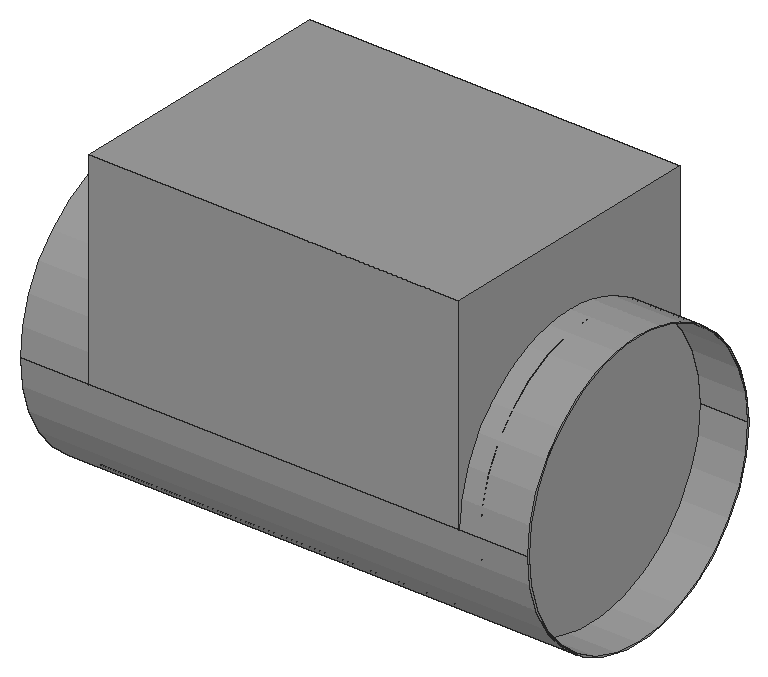
Revit family "BIMLIB_ЭлектрическийНагреватель_EHC_SHUFT", category Оборудование, Revit 2017
Family settings
  Размер круглого соединителя = Использовать диаметр
  Тип детали = Вставляется
  На основе рабочей плоскости = Нет
  Всегда вертикально = Да
  При загрузке вырезать с полостями = Нет
  Общий = Нет
  Точка расчета площади = Нет
Parameters (values of type "EHC 200-2.4/1")
  Повернуть УГО [instance] = yes
  Описание = "Корпус воздухонагревателей выполнен из листовой стали с покрытием из цинка, а нагревательные элементы — из нержавеющей стали.\r\n\r\nВсе воздухонагреватели серии ЕНС оснащены двухступенчатой защитой от перегрева. Реле первой ступени (с автоматическим возвратом в исходное положение) срабатывает, когда температура воздуха на выходе из воздухонагревателя достигает 60 °С. Реле второй ступени (с ручным возвратом в исходное положение нажатием кнопки, расположенной на корпусе воздухонагревателя) срабатывает, когда температура воздуха на выходе из воздухонагревателя достигает 90 °С.\r\n\r\nВоздухонагреватели серии EHC могут работать с внешним электронным регулятором температуры серии ТС.\r\n\r\nМинимальный расход воздуха соответствует минимальной скорости потока 1,5 м/с."  # constant formula
  Изготовитель = "ООО «Завод ВКО» марка SHUFT"  # constant formula
  r2 = r1 + 0.5 mm  # 100.5 mm
  Watermark [instance] = "Модели защищены уникальным кодом"
  URL = "http://www.shuft.ru/"
  r1 = d / 2  # 100 mm
  d = ADSK_Размер_Диаметр  # 200 mm
  D = r2 * 2  # 201 mm
  BL_Разработано = "support@bimlib.pro"  # constant formula
  BL_Email = "bimmodels@rusklimat.ru"  # constant formula
  BL_BIM library = "https://bimlib.pro/manufacturer/company/23829"
  ADSK_Ток = 10.9 A
  ADSK_Расход воздуха [instance] = 0.0 L/s
  ADSK_Размер_Диаметр = 200 mm
  ADSK_Примечание [instance] = ""
  ADSK_Потеря давления воздуха [instance] = 0.0 Pa
  ADSK_Полная мощность = ADSK_Номинальная мощность / ADSK_Коэффициент мощности  # 2.4 kW
  ADSK_Позиция = ""
  ADSK_Обозначение = ""
  ADSK_Номинальная мощность = 2.4 kW
  ADSK_Напряжение = 230 V
  ADSK_Наименование = "Электрический нагреватель EHC 200-2.4/1"
  ADSK_Материал = BIMLIB_Сталь_SHUFT
  ADSK_Масса = 4.2
  ADSK_Марка = "EHC 200-2.4/1"
  ADSK_Коэффициент мощности = 1
  ADSK_Количество фаз = 1
  ADSK_Код изделия = ADSK_Марка  # "EHC 200-2.4/1"
  ADSK_Классификация нагрузок = Прочее
  ADSK_Завод-изготовитель = "ООО «Завод ВКО» марка SHUFT"  # constant formula
  ADSK_Единица измерения = "шт."  # constant formula
  ADSK_Версия семейства = "v.1"  # constant formula
  ADSK_Версия Revit = "2017"  # constant formula
  ADSK_URL страницы изделия = "http://www.shuft.ru/catalog/1/202/3004/4020/"
  ADSK_URL документации изделия = "http://www.shuft.ru/upload/downloads/Rucovodstvo_EHC.pdf"
Types (33, lengths in mm): name | r2 | r1 | d | D | ADSK_Ток | ADSK_Размер_Диаметр | ADSK_Полная мощность | ADSK_Номинальная мощность | ADSK_Напряжение | ADSK_Наименование | ADSK_Масса | ADSK_Марка | ADSK_Количество фаз | ADSK_Код изделия
  EHC 100-0.3/1 | 50.5 | 50 | 100 | 101 | 1.4 A | 100 | 0.3 kW | 0.3 kW | 230 V | "Электрический нагреватель EHC 100-0.3/1" | 2 | "EHC 100-0.3/1" | 1 | "EHC 100-0.3/1"
  EHC 100-1.8/1 | 50.5 | 50 | 100 | 101 | 8.2 A | 100 | 1.8 kW | 1.8 kW | 230 V | "Электрический нагреватель EHC 100-1.8/1" | 2.4 | "EHC 100-1.8/1" | 1 | "EHC 100-1.8/1"
  EHC 100-2.4/1 | 50.5 | 50 | 100 | 101 | 10.9 A | 100 | 2.4 kW | 2.4 kW | 230 V | "Электрический нагреватель EHC 100-2.4/1" | 2.6 | "EHC 100-2.4/1" | 1 | "EHC 100-2.4/1"
  EHC 125-1.2/1 | 63 | 62.5 | 125 | 126 | 5.5 A | 125 | 1.2 kW | 1.2 kW | 230 V | "Электрический нагреватель EHC 125-1.2/1" | 2.7 | "EHC 125-1.2/1" | 1 | "EHC 125-1.2/1"
  EHC 125-1.8/1 | 63 | 62.5 | 125 | 126 | 8.2 A | 125 | 1.8 kW | 1.8 kW | 230 V | "Электрический нагреватель EHC 125-1.8/1" | 2.7 | "EHC 125-1.8/1" | 1 | "EHC 125-1.8/1"
  EHC 125-2.4/1 | 63 | 62.5 | 125 | 126 | 10.9 A | 125 | 2.4 kW | 2.4 kW | 230 V | "Электрический нагреватель EHC 125-2.4/1" | 2.9 | "EHC 125-2.4/1" | 1 | "EHC 125-2.4/1"
  EHC 160-1.2/1 | 80.5 | 80 | 160 | 161 | 5.5 A | 160 | 1.2 kW | 1.2 kW | 230 V | "Электрический нагреватель EHC 160-1.2/1" | 2.9 | "EHC 160-1.2/1" | 1 | "EHC 160-1.2/1"
  EHC 160-2.4/1 | 80.5 | 80 | 160 | 161 | 10.9 A | 160 | 2.4 kW | 2.4 kW | 230 V | "Электрический нагреватель EHC 160-2.4/1" | 3.6 | "EHC 160-2.4/1" | 1 | "EHC 160-2.4/1"
  EHC 160-3.0/1 | 80.5 | 80 | 160 | 161 | 13.7 A | 160 | 3 kW | 3 kW | 230 V | "Электрический нагреватель EHC 160-3.0/1" | 3.3 | "EHC 160-3.0/1" | 1 | "EHC 160-3.0/1"
  EHC 160-3.0/2 | 80.5 | 80 | 160 | 161 | 7.9 A | 160 | 3 kW | 3 kW | 400 V | "Электрический нагреватель EHC 160-3.0/2" | 3.3 | "EHC 160-3.0/2" | 2 | "EHC 160-3.0/2"
  EHC 160-5.0/2 | 80.5 | 80 | 160 | 161 | 13.2 A | 160 | 5 kW | 5 kW | 400 V | "Электрический нагреватель EHC 160-5.0/2" | 4 | "EHC 160-5.0/2" | 2 | "EHC 160-5.0/2"
  EHC 160-6.0/2 | 80.5 | 80 | 160 | 161 | 15.8 A | 160 | 6 kW | 6 kW | 400 V | "Электрический нагреватель EHC 160-6.0/2" | 4.3 | "EHC 160-6.0/2" | 2 | "EHC 160-6.0/2"
  EHC 160-6.0/3 | 80.5 | 80 | 160 | 161 | 8.7 A | 160 | 6 kW | 6 kW | 400 V | "Электрический нагреватель EHC 160-6.0/3" | 4.5 | "EHC 160-6.0/3" | 3 | "EHC 160-6.0/3"
  EHC 200-2.4/1 | 100.5 | 100 | 200 | 201 | 10.9 A | 200 | 2.4 kW | 2.4 kW | 230 V | "Электрический нагреватель EHC 200-2.4/1" | 4.2 | "EHC 200-2.4/1" | 1 | "EHC 200-2.4/1"
  EHC 200-3.0/1 | 100.5 | 100 | 200 | 201 | 13.7 A | 200 | 3 kW | 3 kW | 230 V | "Электрический нагреватель EHC 200-3.0/1" | 3.9 | "EHC 200-3.0/1" | 1 | "EHC 200-3.0/1"
  EHC 200-5.0/2 | 100.5 | 100 | 200 | 201 | 13.2 A | 200 | 5 kW | 5 kW | 400 V | "Электрический нагреватель EHC 200-5.0/2" | 4.6 | "EHC 200-5.0/2" | 2 | "EHC 200-5.0/2"
  EHC 200-6.0/2 | 100.5 | 100 | 200 | 201 | 15.8 A | 200 | 6 kW | 6 kW | 400 V | "Электрический нагреватель EHC 200-6.0/2" | 5 | "EHC 200-6.0/2" | 2 | "EHC 200-6.0/2"
  EHC 200-6.0/3 | 100.5 | 100 | 200 | 201 | 8.7 A | 200 | 6 kW | 6 kW | 400 V | "Электрический нагреватель EHC 200-6.0/3" | 5 | "EHC 200-6.0/3" | 3 | "EHC 200-6.0/3"
  EHC 200-9.0/3 | 100.5 | 100 | 200 | 201 | 13 A | 200 | 9 kW | 9 kW | 400 V | "Электрический нагреватель EHC 200-9.0/3" | 5.5 | "EHC 200-9.0/3" | 3 | "EHC 200-9.0/3"
  EHC 200-12.0/3 | 100.5 | 100 | 200 | 201 | 17.3 A | 200 | 12 kW | 12 kW | 400 V | "Электрический нагреватель EHC 200-12.0/3" | 6 | "EHC 200-12.0/3" | 3 | "EHC 200-12.0/3"
  EHC 250-3.0/1 | 125.5 | 125 | 250 | 251 | 13.7 A | 250 | 3 kW | 3 kW | 230 V | "Электрический нагреватель EHC 250-3.0/1" | 7 | "EHC 250-3.0/1" | 1 | "EHC 250-3.0/1"
  EHC 250-6.0/2 | 125.5 | 125 | 250 | 251 | 15.8 A | 250 | 6 kW | 6 kW | 400 V | "Электрический нагреватель EHC 250-6.0/2" | 7.3 | "EHC 250-6.0/2" | 2 | "EHC 250-6.0/2"
  EHC 250-6.0/3 | 125.5 | 125 | 250 | 251 | 8.7 A | 250 | 6 kW | 6 kW | 400 V | "Электрический нагреватель EHC 250-6.0/3" | 7.3 | "EHC 250-6.0/3" | 3 | "EHC 250-6.0/3"
  EHC 250-9.0/3 | 125.5 | 125 | 250 | 251 | 13 A | 250 | 9 kW | 9 kW | 400 V | "Электрический нагреватель EHC 250-9.0/3" | 8.9 | "EHC 250-9.0/3" | 3 | "EHC 250-9.0/3"
  EHC 250-12.0/3 | 125.5 | 125 | 250 | 251 | 17.3 A | 250 | 12 kW | 12 kW | 400 V | "Электрический нагреватель EHC 250-12.0/3" | 9.9 | "EHC 250-12.0/3" | 3 | "EHC 250-12.0/3"
  EHC 315-3.0/1 | 158 | 157.5 | 315 | 316 | 13.7 A | 315 | 3 kW | 3 kW | 230 V | "Электрический нагреватель EHC 315-3.0/1" | 10.5 | "EHC 315-3.0/1" | 1 | "EHC 315-3.0/1"
  EHC 315-6.0/2 | 158 | 157.5 | 315 | 316 | 15.8 A | 315 | 6 kW | 6 kW | 400 V | "Электрический нагреватель EHC 315-6.0/2" | 9.2 | "EHC 315-6.0/2" | 2 | "EHC 315-6.0/2"
  EHC 315-6.0/3 | 158 | 157.5 | 315 | 316 | 8.7 A | 315 | 6 kW | 6 kW | 400 V | "Электрический нагреватель EHC 315-6.0/3" | 9.2 | "EHC 315-6.0/3" | 3 | "EHC 315-6.0/3"
  EHC 315-9.0/3 | 158 | 157.5 | 315 | 316 | 13 A | 315 | 9 kW | 9 kW | 400 V | "Электрический нагреватель EHC 315-9.0/3" | 10.8 | "EHC 315-9.0/3" | 3 | "EHC 315-9.0/3"
  EHC 315-12.0/3 | 158 | 157.5 | 315 | 316 | 17.3 A | 315 | 12 kW | 12 kW | 400 V | "Электрический нагреватель EHC 315-12.0/3" | 11.4 | "EHC 315-12.0/3" | 3 | "EHC 315-12.0/3"
  EHC 400-9.0/3 | 200.5 | 200 | 400 | 401 | 13 A | 400 | 9 kW | 9 kW | 400 V | "Электрический нагреватель EHC 400-9.0/3" | 13.1 | "EHC 400-9.0/3" | 3 | "EHC 400-9.0/3"
  EHC 400-12.0/3 | 200.5 | 200 | 400 | 401 | 17.3 A | 400 | 12 kW | 12 kW | 400 V | "Электрический нагреватель EHC 400-12.0/3" | 14 | "EHC 400-12.0/3" | 3 | "EHC 400-12.0/3"
  EHC 100-0.6/1 | 50.5 | 50 | 100 | 101 | 2.8 A | 100 | 0.6 kW | 0.6 kW | 230 V | "Электрический нагреватель EHC 100-0.6/1" | 2 | "EHC 100-0.6/1" | 1 | "EHC 100-0.6/1"
Reference planes
  plane 1 "По центру (Вперед/Назад)": y = 0
  plane 2: z = 0
  plane 3 "По центру (Влево/Вправо)": x = 0
  plane 4: z = 100
  plane 5: z = 150
  plane 6: x = -185
  plane 7: x = 185
  plane 8: x = -135
  plane 9: x = 135
  plane 10: x = -150
  plane 11: x = 150
  plane 12: y = -100.5
  plane 13: y = 100.5
Forms (mm)
  Extrusion 1, solid, material "BIMLIB_Сталь_SHUFT" <- "ADSK_Материал", detail levels medium+fine
    sketch origin (0, 0, 0) x (0, 1, 0) y (0, 0, 1)
      loop
        circle (0, 0) r 100
      loop
        circle (0, 0) r 100.5
    from -185 to 185
  Extrusion 2, solid, material "BIMLIB_Сталь_SHUFT" <- "ADSK_Материал", detail levels medium+fine
    sketch origin (0, 0, 0) x (0, 1, 0) y (0, 0, 1)
      loop
        arc (-100.5, 0) -> (0, 100.5) -> (100.5, 0) r 100.5
        line (100.5, 0) -> (100.5, 150) -> (-100.5, 150) -> (-100.5, 0)
    from -135 to 135
  Extrusion 3, solid, material "BIMLIB_Сталь_SHUFT" <- "ADSK_Материал", detail levels medium+fine
    sketch origin (0, 0, 0) x (0, 1, 0) y (0, 0, 1)
      loop
        circle (0, 0) r 100
    from -150 to 150
Dimensions and locks
  locked: plane 4 to plane 5 at 50
  "r1": level to plane 4
  plane 7 to plane 6 = 370 mm
  equal spacing: plane 7, plane 3 "По центру (Влево/Вправо)", plane 6
  locked: plane 8 to plane 6 at 50
  locked: plane 7 to plane 9 at 50
  locked: plane 8 to plane 10 at 15
  locked: plane 11 to plane 9 at 15
  "D": plane 12 to plane 13
  equal spacing: plane 12, plane 1 "По центру (Вперед/Назад)", plane 13
  "r1": radius of Extrusion 1 sketch curve
  "r2": radius of Extrusion 1 sketch curve
  "r2": radius of Extrusion 2 sketch curve
  "r1": radius of Extrusion 3 sketch curve
  aligned and locked: level to plane 2
  aligned and locked: Extrusion 2 to plane 5
  aligned and locked: Extrusion 1 to plane 6
  aligned and locked: plane 7 to Extrusion 1
  aligned and locked: plane 9 to Extrusion 2
  aligned and locked: Extrusion 2 to plane 8
  aligned and locked: plane 11 to Extrusion 3
  aligned and locked: Extrusion 3 to plane 10
  aligned and locked: Extrusion 2 to plane 12
  aligned and locked: plane 13 to Extrusion 2
  aligned and locked: plane 10 to nested 1
  aligned and locked: plane 11 to nested 1
Automatic sketch dimensions
  Extrusion 1 sketch curve to Extrusion 1 sketch curve = 0 mm  (x2)
  Extrusion 1 sketch curve to level = 0 mm
  Extrusion 1 sketch curve to plane 1 "По центру (Вперед/Назад)" = 0 mm
  plane 5 to Extrusion 2 sketch curve = 0 mm
  Extrusion 2 sketch curve to plane 12 = 0 mm
  Extrusion 2 sketch curve to level = 0 mm
  Extrusion 3 sketch curve to level = 0 mm
  Extrusion 3 sketch curve to plane 1 "По центру (Вперед/Назад)" = 0 mm
Nested families
  nested 1: "BIMLIB_УГО Нагревателя_SHUFT" at (0, 0, 0), H <- "ADSK_Размер_Диаметр", W <- "ADSK_Размер_Диаметр", УГО сверху <- "Повернуть УГО", type "BIMLIB_УГО Нагревателя_SHUFT", detail levels coarse
    with УГО спереди no, УГО сверху yes, W 200 mm, L 300 mm, H 200 mm
Connectors
  hvac at (-150, 0, 0), driven by "ADSK_Размер_Диаметр", driven by "ADSK_Расход воздуха", driven by "ADSK_Потеря давления воздуха"
    settings: on Extrusion 3, index 1, duct flow 0.0 L/s, flow factor 0, pres drop 0.0 Pa, loss coef 0, conn angle 0.00°, conn width 304.8 mm, conn height 304.8 mm, conn diameter 200 mm, duct sys type 29, conn prof type 0, flow config 0, flow direction 0, loss method 0, conn ref index 2, conn util no, is conn primary yes, conn desc "Воздушный коннектор"
  hvac at (150, 0, 0), driven by "ADSK_Размер_Диаметр", driven by "ADSK_Расход воздуха", driven by "ADSK_Потеря давления воздуха"
    settings: on Extrusion 3, index 2, duct flow 0.0 L/s, flow factor 0, pres drop 0.0 Pa, loss coef 0, conn angle 0.00°, conn width 304.8 mm, conn height 304.8 mm, conn diameter 200 mm, duct sys type 29, conn prof type 0, flow config 0, flow direction 0, loss method 0, conn ref index 1, conn util no, is conn primary no, conn desc "Воздушный коннектор"
  electrical at (0, 0, 150), driven by "ADSK_Количество фаз", driven by "ADSK_Напряжение", driven by "ADSK_Номинальная мощность", driven by "ADSK_Коэффициент мощности", driven by "ADSK_Классификация нагрузок"
    settings: on Extrusion 2, index 3, voltage 230 V, apparent load 2.4 kW, apparent load phase1 0 kW, apparent load phase2 0 kW, apparent load phase3 0 kW, power factor 1, load classification "Прочее", number of poles 1, system type 30, power factor state 1, is connector primary yes, connector utility no, sub classification motor no, connector description "Электрический соединитель"
Definition of nested family "BIMLIB_УГО Нагревателя_SHUFT"
  Parameters (values of type "BIMLIB_УГО Нагревателя_SHUFT")
    УГО спереди [instance] = not(УГО сверху)  # no
    УГО сверху [instance] = yes
    r = 50 mm
    W [instance] = 400 mm
    L [instance] = 400 mm
    H [instance] = 200 mm
  Reference planes
    plane 1 "По центру (Вперед/Назад)": y = 0
    plane 2: z = 0
    plane 3 "По центру (Влево/Вправо)": x = 0
    plane 4: x = 200
    plane 5: x = -200
    plane 6: y = -200
    plane 7: y = 200
    plane 8: z = -100
    plane 9: z = 100
  Lines and regions (mm)
    model lines, visible <- "УГО сверху", detail levels coarse
      curve 1: line (-200, 200, 0) -> (200, 200, 0)
      curve 2: line (-200, -200, 0) -> (-200, 200, 0)
      curve 3: line (200, -200, 0) -> (-200, -200, 0)
      curve 4: line (200, 200, 0) -> (200, -200, 0)
      curve 9: circle (0, 0, 0) r 50 normal (0, 0, 1)
      curve 12: line (0, 50, 0) -> (0, -50, 0)
      curve 13: line (-50, 0, 0) -> (50, 0, 0)
    model lines, visible <- "УГО спереди", detail levels coarse
      curve 5: line (-200, 0, 100) -> (200, 0, 100)
      curve 6: line (-200, 0, -100) -> (-200, 0, 100)
      curve 7: line (200, 0, -100) -> (-200, 0, -100)
      curve 8: line (200, 0, 100) -> (200, 0, -100)
      curve 10: circle (0, 0, 0) r 50 normal (0, -1, 0)
      curve 11: line (0, 0, 50) -> (0, 0, -50)
      curve 14: line (-50, 0, 0) -> (50, 0, 0)
    symbolic lines, detail levels coarse
      curve 15: line (-200, 200, 0) -> (200, 200, 0)
      curve 16: line (200, 200, 0) -> (200, -200, 0)
      curve 17: line (200, -200, 0) -> (-200, -200, 0)
      curve 18: line (-200, -200, 0) -> (-200, 200, 0)
      curve 19: circle (0, 0, 0) r 50 normal (0, 0, 1)
      curve 20: line (-50, 0, 0) -> (50, 0, 0)
      curve 21: line (0, 50, 0) -> (0, -50, 0)
      curve 22: line (-200, 0, 100) -> (200, 0, 100)
      curve 23: line (200, 0, 100) -> (200, 0, -100)
      curve 24: line (200, 0, -100) -> (-200, 0, -100)
      curve 25: line (-200, 0, -100) -> (-200, 0, 100)
      curve 26: circle (0, 0, 0) r 50 normal (0, -1, 0)
      curve 27: line (50, 0, 0) -> (-50, 0, 0)
      curve 28: line (0, 0, 50) -> (0, 0, -50)
  Dimensions and locks
    "L": plane 5 to plane 4
    equal spacing: plane 5, plane 3 "По центру (Влево/Вправо)", plane 4
    "W": plane 6 to plane 7
    equal spacing: plane 6, plane 1 "По центру (Вперед/Назад)", plane 7
    "H": plane 9 to plane 8
    equal spacing: plane 9, level, plane 8
    "r": radius of curve 10
    "r": radius of curve 9
    aligned and locked: level to plane 2
    aligned and locked: plane 7 to curve 1
    aligned and locked: plane 5 to curve 2
    aligned and locked: curve 3 to plane 6
    aligned and locked: curve 4 to plane 4
    aligned and locked: curve 5 to plane 9
    aligned and locked: plane 5 to curve 6
    aligned and locked: plane 8 to curve 7
    aligned and locked: curve 8 to plane 4
    aligned and locked: curve 11 to plane 3 "По центру (Влево/Вправо)"
    aligned and locked: curve 12 to plane 3 "По центру (Влево/Вправо)"
    aligned and locked: plane 1 "По центру (Вперед/Назад)" to curve 13
    aligned and locked: curve 14 to plane 2
  Automatic sketch dimensions
    curve 10 to curve 26 = 0 mm  (x2)
    curve 27 to level = 0 mm
    curve 28 to plane 3 "По центру (Влево/Вправо)" = 0 mm
    curve 10 to level = 0 mm
    curve 10 to plane 3 "По центру (Влево/Вправо)" = 0 mm
    curve 9 to curve 19 = 0 mm  (x2)
    plane 1 "По центру (Вперед/Назад)" to curve 20 = 0 mm
    curve 21 to plane 3 "По центру (Влево/Вправо)" = 0 mm
    plane 1 "По центру (Вперед/Назад)" to curve 9 = 0 mm
    curve 9 to plane 3 "По центру (Влево/Вправо)" = 0 mm
    radius of curve 26 = 50 mm
    radius of curve 19 = 50 mm
